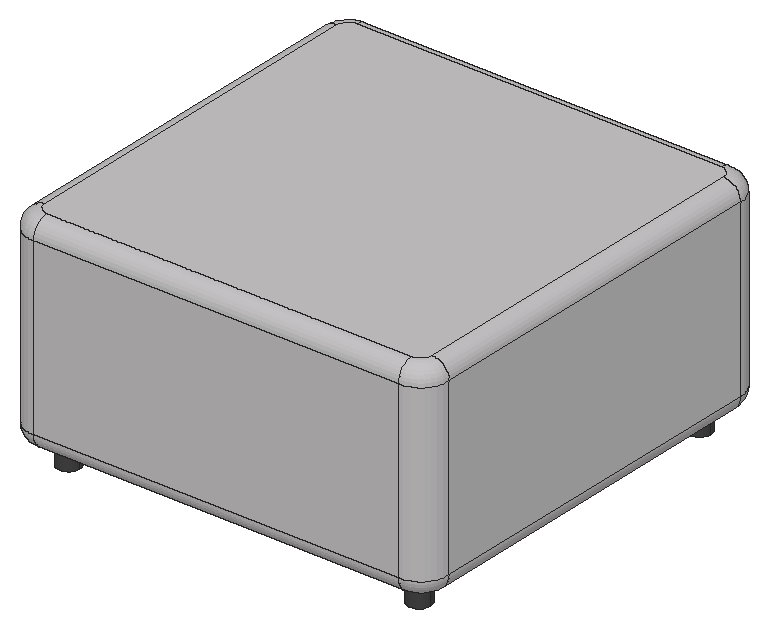
Revit family "FU_Chair_Sandler_ENTROPY_ENT0010TA", category Furniture, Revit 2020
Family settings
  OmniClass Number = 23.21.23.15.17
  Work Plane-Based = Yes
  Always vertical = No
  Cut with Voids When Loaded = No
  Shared = No
  Room Calculation Point = No
Parameters (values of type "ENTROPY ENT0010TA")
  Youtube clip = ""
  Width = 750.000 mm
  Uniformat II Description = "Movable Furnishings"
  Uniformat II Code = ""
  Uniclass 2015 Name = ""
  Uniclass 2015 Code = ""
  Uniclass 2.0 Description = ""
  Uniclass 2.0 Code = ""
  Uniclass 1.4 Description = ""
  Uniclass 1.4 Code = ""
  UNSPSC Code = ""
  Technical description = ""
  Seat Material = Leather - Gaja - 60005
  Frame Material = Steel - Frame - Black
  Region South America = "All"
  Region Oceania = "All"
  Region North America = "All"
  Region Middle East = "All"
  Region Europe = "All"
  Region Asia = "All"
  Region Antarctica = "All"
  Region Africa = "All"
  QR code = ""
  Product url = "https://www.sandlerseating.com/product/ent0010ta/"
  Product name = ""
  Product group = "Chair"
  Product family = "Furniture"
  Product data url = "https://www.sandlerseating.com/product/ent0010ta/"
  Product certification = ""
  Product SKU = ""
  Product Guid = ""
  OmniClass Description = ""
  OmniClass Code = "23-21 23 15 17"
  NBS Reference Description = ""
  NBS Reference Code = ""
  Model = "ENTROPY ENT0010TA"
  Masterformat 2014 Description = "Chair Mats"
  Masterformat 2014 Code = "12 48 43.13"
  Manufacturer name = "Sandler"
  Manufacturer country = "UK"
  Manufacturer = "Sandler"
  Installation instructions = ""
  IFC Classification = "Furnishing Element"
  GTIN code = ""
  Edition number = 1
  Design country = "UK"
  Description = "Chair"
  Depth = 750.000 mm
  Default Elevation = 0.000 mm
  Date of publishing = ""
  COBIe Type Category = ""
  Brand url = "https://www.sandlerseating.com/"
  BIMobject main category code = "furniture"
  BIMobject main category = "Furniture"
  BIMobject category code = "furniture-chair"
  BIMobject category = "Chair"
Reference planes
  plane 1 "Center Front/Back": y = 0
  plane 2: z = 0
  plane 3 "Center Left/Right": x = 0
  plane 4: y = 375
  plane 5: y = -375
  plane 6: x = -375
  plane 7: x = 375
  plane 8: z = 410
  plane 9: z = 40
  plane 10: x = -337.5
  plane 11: x = 337.5
  plane 12: y = -337.5
  plane 13: y = 337.5
Forms (mm)
  Extrusion 1, solid, material "Leather - Gaja - 60005" <- "Seat Material"
    sketch origin (0, 0, 0) x (1, 0, 0) y (0, 1, 0)
      loop
        arc (-325, 375) -> (-360.355, 360.355) -> (-375, 325) r 50
        line (-375, 325) -> (-375, -325)
        arc (-375, -325) -> (-360.355, -360.355) -> (-325, -375) r 50
        line (-325, -375) -> (325, -375)
        arc (325, -375) -> (360.355, -360.355) -> (375, -325) r 50
        line (375, -325) -> (375, 325)
        arc (375, 325) -> (360.355, 360.355) -> (325, 375) r 50
        line (325, 375) -> (-325, 375)
    from 40 to 410
  Sweep 2, void
    path in 3D
      loop
        arc (325, -375, 410) -> (360.355, -360.355, 410) -> (375, -325, 410) r 50
        line (375, -325, 410) -> (375, 325, 410)
        arc (375, 325, 410) -> (360.355, 360.355, 410) -> (325, 375, 410) r 50
        line (325, 375, 410) -> (-325, 375, 410)
        arc (-325, 375, 410) -> (-360.355, 360.355, 410) -> (-375, 325, 410) r 50
        line (-375, 325, 410) -> (-375, -325, 410)
        arc (-375, -325, 410) -> (-360.355, -360.355, 410) -> (-325, -375, 410) r 50
        line (-325, -375, 410) -> (325, -375, 410)
    profile origin (0, -375, 410) x (0, 1, 0) y (0, 0, 1)
      loop
        line (0, 0) -> (0, -30)
        arc (0, -30) -> (8.787, -8.787) -> (30, 0) r 30
        line (30, 0) -> (0, 0)
      loop
        line (0, -370) -> (30, -370)
        arc (30, -370) -> (8.787, -361.213) -> (0, -340) r 30
        line (0, -340) -> (0, -370)
  Extrusion 3, solid, material "Steel - Frame - Black" <- "Frame Material"
    sketch origin (0, 0, 0) x (1, 0, 0) y (0, 1, 0)
      loop
        circle (312.5, -312.5) r 20
      loop
        circle (312.5, 312.5) r 20
      loop
        circle (-312.5, 312.5) r 20
      loop
        circle (-312.5, -312.5) r 20
    from 0 to 40
Cuts and joins
  Sweep 2 cuts Extrusion 1
Lines and regions (mm)
  sketch lines
    curve 1: line (-325, -375, 410) -> (325, -375, 410)
    curve 2: arc (375, -325, 410) -> (360.355, -360.355, 410) -> (325, -375, 410) r 50
    curve 3: line (375, -325, 410) -> (375, 325, 410)
    curve 4: arc (325, 375, 410) -> (360.355, 360.355, 410) -> (375, 325, 410) r 50
    curve 5: line (325, 375, 410) -> (-325, 375, 410)
    curve 6: arc (-375, 325, 410) -> (-360.355, 360.355, 410) -> (-325, 375, 410) r 50
    curve 7: line (-375, 325, 410) -> (-375, -325, 410)
    curve 8: arc (-325, -375, 410) -> (-360.355, -360.355, 410) -> (-375, -325, 410) r 50
Dimensions and locks
  equal spacing: plane 4, plane 1 "Center Front/Back", plane 5
  "Depth": plane 4 to plane 5
  equal spacing: plane 6, plane 3 "Center Left/Right", plane 7
  "Width": plane 6 to plane 7
  locked: plane 11 to plane 7 at 37.5
  locked: plane 6 to plane 10 at 37.5
  locked: plane 4 to plane 13 at 37.5
  locked: plane 12 to plane 5 at 37.5
  plane 8 to level = 410.000 mm
  aligned and locked: level to plane 2
  aligned and locked: Extrusion 1 sketch curve to plane 4
  aligned and locked: plane 5 to Extrusion 1 sketch curve
  aligned and locked: Extrusion 1 sketch curve to plane 7
Automatic sketch dimensions
  Extrusion 1 sketch curve to plane 4 = 50.000 mm
  plane 10 to Extrusion 1 sketch curve = 12.500 mm  (x2)
  Extrusion 1 sketch curve to plane 11 = 12.500 mm  (x2)
  Extrusion 1 sketch curve to plane 6 = 0.000 mm
  Sweep 2 sketch curve to profile plane = 0.000 mm  (x3)
  Sweep 2 sketch curve to profile plane = 30.000 mm
  Sweep 2 sketch curve to Sweep 2 sketch curve = 30.000 mm
  Sweep 2 sketch curve to Sweep 2 sketch curve = 310.000 mm
  plane 10 to Extrusion 3 sketch curve = 25.000 mm  (x2)
  Extrusion 3 sketch curve to plane 11 = 25.000 mm  (x2)
  plane 12 to Extrusion 3 sketch curve = 25.000 mm  (x2)
  Extrusion 3 sketch curve to plane 13 = 25.000 mm  (x2)
  radius of Extrusion 3 sketch curve = 20.000 mm  (x4)
